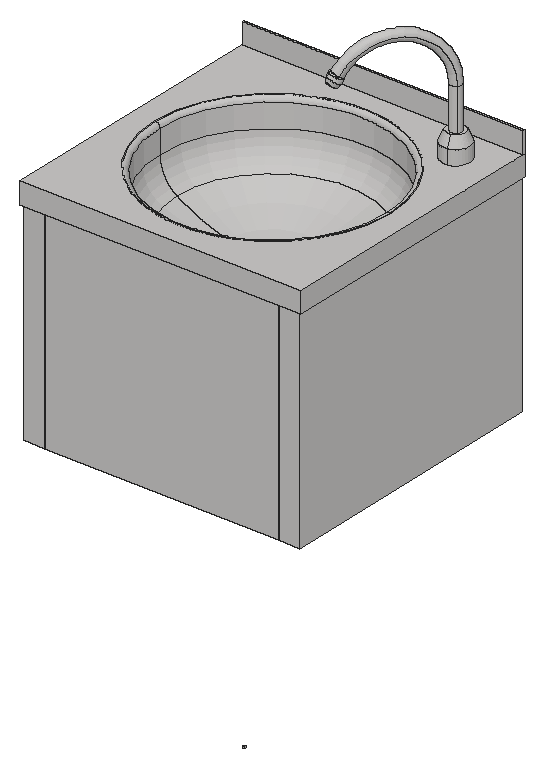
Revit family "QF_ELECTROLUXPROFESSIONAL_132952_NHWSW40", category Attrezzature speciali, Revit 2020
Family settings
  Quota connettore circolare = Usa diametro
  Tipo di parte = Normale
  Basato su piano di lavoro = No
  Sempre verticale = Sì
  Taglio con vuoti quando caricato = No
  Condiviso = No
  Punto di calcolo locali = No
Parameters (values of type "Standard")
  Weight = 12.00 kg
  Watts = 0 W
  Volts = 0 V
  URL Manufacturer = "https://www.electroluxprofessional.com/"
  URL = "https://www.electroluxprofessional.com/"
  Steam Supply Size = 0 mm
  Steam Supply Minimum Pressure = 0.0 Pa
  Steam Supply Maximum Pressure = 0.0 Pa
  Steam Consumption per Hour = 0
  Refrigeration Suction Line Size = 0.0 mm
  Refrigeration Liquid Line Size = 0.0 mm
  Refrigerant Compressor Remote = yes
  Prospetto di default = 0.0 mm
  Phase = 0
  Modello = "NHWSW40"
  Produttore = "Electrolux Professional"
  Length Actual = 400.0 mm  # constant formula
  Item Number = "132952"
  Hot Water Size = 12.7 mm
  Height Actual = 332.0 mm  # constant formula
  HP = "0 HP"
  Gas Size = 0 mm
  Gas KW = 0
  Gas Input Pressure = 0 W
  Direct Waste Size = 139.7 mm
  Descrizione = "WALL MOUNTED HAND WASH BASIN, KNEE-OPERATED, WITH 1 BOWL, MIXER SPOUT AND DRAIN HOLE"
  Depth Actual = 400.0 mm  # constant formula
  Cycle = 0 Hz
  Condensate Return Size = 0 mm
  Compressed Air Volume = 0.0 L/s
  Compressed Air Size = 0 mm
  Compressed Air Pressure = 0.0 Pa
  Cold Water Size = 12.7 mm
  Accessory = yes
Reference planes
  plane 1 "Center (Front/Back)": y = 0
  plane 2: z = 0
  plane 3 "BACK": y = 200
  plane 4 "FRONT": y = -200
  plane 5 "TOP": z = 900
  plane 6: x = -956.5
  plane 7 "BaseTop": z = 870
  plane 8: x = -556.5
  plane 9 "Center (Left/Right)": x = -756.5
  plane 10 "Drain Z": z = 660
  plane 11: z = 930
  plane 12 "FondoLavello": z = 777.601
  plane 13: y = 145.319
  plane 14: x = -611.483
  plane 15 "DrainX": x = -833.5
  plane 16: z = 568
Forms (mm)
  Extrusion 1, solid, material "QF_Finishes_Stainless Steel"
    sketch origin (0, 0, 870) x (-1, 0, 0) y (0, -1, 0)
      loop
        line (956.5, -200) -> (956.5, 200) -> (556.5, 200) -> (556.5, -200) -> (956.5, -200)
      loop
        circle (611.483, -145.319) r 9.014
      loop
        circle (756.5, 0) r 168
    from 0 to 30
  Extrusion 2, solid, material "QF_Finishes_Stainless Steel"
    sketch origin (0, 0, 0) x (1, 0, 0) y (0, 1, 0)
      loop
        line (-923.5, 170) -> (-589.5, 170) -> (-589.5, -197) -> (-559.5, -197) -> (-559.5, 200) -> (-953.5, 200) -> (-953.5, -197) -> (-923.5, -197) -> (-923.5, 170)
    from 568 to 870
  Extrusion 3, solid, material "QF_Finishes_Stainless Steel"
    sketch origin (-756.5, 0, 0) x (0, 0, -1) y (0, -1, 0)
      loop
        line (-568, 197) -> (-870, 197) -> (-870, 172) -> (-568, 172) -> (-568, 197)
    from -167 to 167
  Revolve 4, solid, material "QF_Finishes_Stainless Steel"
    sketch origin (0, 0, 0) x (1, 0, 0) y (0, 0, 1)
      loop
        arc (-917.53, 893) -> (-919.572, 897.928) -> (-924.5, 899.97) r 6.97
        line (-924.5, 899.97) -> (-924.5, 895) -> (-922.501, 895) -> (-922.501, 859.414)
        arc (-922.501, 859.414) -> (-915.312, 831.717) -> (-895.561, 811.013) r 56.948
        arc (-895.561, 811.013) -> (-840.753, 785.213) -> (-781.505, 772.59) r 263.902
        line (-781.505, 772.59) -> (-781.505, 777.601)
        arc (-781.505, 777.601) -> (-839.395, 790.016) -> (-892.95, 815.258) r 258.912
        arc (-892.95, 815.258) -> (-910.971, 834.149) -> (-917.53, 859.421) r 51.963
        line (-917.53, 859.421) -> (-917.53, 893)
      axis (-756.5, 772.59) -> (-756.5, 899.97)
    angle from 0 to 360
  Extrusion 5, solid, material "QF_Finishes_Stainless Steel"
    sketch origin (0, 0, 777.601) x (-1, 0, 0) y (0, -1, 0)
      loop
        circle (756.5, 0) r 25.005
      loop
        circle (756.5, 0) r 5
      loop
        line (753.407, -8.499) -> (749.22, -20.001)
        arc (749.22, -20.001) -> (756.5, -21.285) -> (763.78, -20.001) r 21.285
        line (763.78, -20.001) -> (759.593, -8.499)
        arc (759.593, -8.499) -> (756.5, -9.045) -> (753.407, -8.499) r 9.045
      loop
        arc (753.407, 8.499) -> (756.5, 9.045) -> (759.593, 8.499) r 9.045
        line (759.593, 8.499) -> (763.78, 20.001)
        arc (763.78, 20.001) -> (756.5, 21.285) -> (749.22, 20.001) r 21.285
        line (749.22, 20.001) -> (753.407, 8.499)
      loop
        line (762.314, -6.929) -> (770.181, -16.305)
        arc (770.181, -16.305) -> (774.933, -10.642) -> (777.461, -3.696) r 21.285
        line (777.461, -3.696) -> (765.407, -1.571)
        arc (765.407, -1.571) -> (764.333, -4.522) -> (762.314, -6.929) r 9.045
      loop
        arc (747.593, 1.571) -> (748.667, 4.522) -> (750.686, 6.929) r 9.045
        line (750.686, 6.929) -> (742.819, 16.305)
        arc (742.819, 16.305) -> (738.067, 10.642) -> (735.539, 3.696) r 21.285
        line (735.539, 3.696) -> (747.593, 1.571)
      loop
        line (765.407, 1.571) -> (777.461, 3.696)
        arc (777.461, 3.696) -> (774.933, 10.642) -> (770.181, 16.305) r 21.285
        line (770.181, 16.305) -> (762.314, 6.929)
        arc (762.314, 6.929) -> (764.333, 4.522) -> (765.407, 1.571) r 9.045
      loop
        arc (750.686, -6.929) -> (748.667, -4.522) -> (747.593, -1.571) r 9.045
        line (747.593, -1.571) -> (735.539, -3.696)
        arc (735.539, -3.696) -> (738.067, -10.642) -> (742.819, -16.305) r 21.285
        line (742.819, -16.305) -> (750.686, -6.929)
    from -5.011 to 0
  Extrusion 6, solid, material "QF_Finishes_Stainless Steel"
    sketch origin (0, 0, 870) x (-1, 0, 0) y (0, -1, 0)
      loop
        circle (620.497, -145.319) r 5
      loop
        circle (602.468, -145.319) r 5
    from 0 to 30
  Extrusion 7, void
    sketch origin (0, 200, 0) x (-1, 0, 0) y (0, 0, 1)
      loop
        circle (833.5, 660) r 22
    from -30 to 0
  Extrusion 8, solid, material "QF_Finishes_Stainless Steel"
    sketch origin (0, 200, 0) x (-1, 0, 0) y (0, 0, 1)
      loop
        circle (833.5, 660) r 20
      loop
        circle (833.5, 660) r 18
    from -30 to 0
  Extrusion 9, solid, material "QF_Finishes_Stainless Steel"
    sketch origin (-756.5, 0, 0) x (0, 0, -1) y (0, -1, 0)
      loop
        line (-930, -200) -> (-900, -200) -> (-900, -197) -> (-930, -197) -> (-930, -200)
    from -200 to 200
  Sweep 10, solid, material "QF_Finishes_Stainless Steel"
    path origin (0, 0, 0) x (1, 0, 0) y (0, 0, 1)
      loop
        line (-756.5, 772.59) -> (-756.5, 602.59)
        arc (-756.5, 602.59) -> (-795, 564.09) -> (-833.5, 602.59) r 38.5
        line (-833.5, 602.59) -> (-833.5, 608.822)
    profile origin (-756.5, 0, 687.59) x (0, -1, 0) y (1, 0, 0)
      loop
        circle (0, 0) r 20
  Sweep 11, solid, material "QF_Finishes_Stainless Steel"
    path origin (-756.5, 0, 0) x (0, 0, -1) y (0, -1, 0)
      loop
        line (-660, -170) -> (-660, -40)
        arc (-660, -40) -> (-648.284, -11.716) -> (-620, 0) r 40
        line (-620, 0) -> (-608.822, 0)
    profile origin (-756.5, 105, 660) x (0, 0, 1) y (-1, 0, 0)
      loop
        circle (0, 77) r 20
  Extrusion 12, solid, material "QF_Finishes_Stainless Steel"
    sketch origin (0, 0, 0) x (1, 0, 0) y (0, 1, 0)
      loop
        line (-956.5, 200) -> (-956.5, 198) -> (-954.5, 198) -> (-954.5, 200) -> (-956.5, 200)
    from 0 to 2
Cuts and joins
  Extrusion 7 cuts Extrusion 2
Lines and regions (mm)
  symbolic lines, style "SpecialityEquipment"
    curve 1: line (-956.5, 200, 870) -> (-556.5, 200, 870)
    curve 2: line (-956.5, -200, 870) -> (-956.5, 200, 870)
    curve 3: line (-556.5, -200, 870) -> (-956.5, -200, 870)
    curve 4: line (-556.5, 200, 870) -> (-556.5, -200, 870)
  symbolic lines
    curve 5: arc (-626.646, 106.592, 870) -> (-880.827, -112.99, 870) -> (-638.014, 119.101, 870) r 168
    curve 6: circle (-756.5, 0, 870) r 25.005 normal (0, 0, 1)
    curve 7: circle (-756.5, 0, 870) r 5 normal (0, 0, 1)
    curve 8: arc (-753.407, 8.499, 870) -> (-756.5, 9.045, 870) -> (-759.593, 8.499, 870) r 9.045
    curve 9: line (-749.22, 20.001, 870) -> (-753.407, 8.499, 870)
    curve 10: line (-759.593, 8.499, 870) -> (-763.78, 20.001, 870)
    curve 11: arc (-763.78, 20.001, 870) -> (-756.5, 21.285, 870) -> (-749.22, 20.001, 870) r 21.285
    curve 12: line (-770.181, 16.305, 870) -> (-762.314, 6.929, 870)
    curve 13: line (-765.407, 1.571, 870) -> (-777.461, 3.696, 870)
    curve 14: line (-777.461, -3.696, 870) -> (-765.407, -1.571, 870)
    curve 15: line (-762.314, -6.929, 870) -> (-770.181, -16.305, 870)
    curve 16: line (-763.78, -20.001, 870) -> (-759.593, -8.499, 870)
    curve 17: line (-753.407, -8.499, 870) -> (-749.22, -20.001, 870)
    curve 18: line (-742.819, -16.305, 870) -> (-750.686, -6.929, 870)
    curve 19: line (-747.593, -1.571, 870) -> (-735.539, -3.696, 870)
    curve 20: line (-735.539, 3.696, 870) -> (-747.593, 1.571, 870)
    curve 21: line (-750.686, 6.929, 870) -> (-742.819, 16.305, 870)
    curve 22: arc (-742.819, 16.305, 870) -> (-738.067, 10.642, 870) -> (-735.539, 3.696, 870) r 21.285
    curve 23: arc (-747.593, 1.571, 870) -> (-748.667, 4.522, 870) -> (-750.686, 6.929, 870) r 9.045
    curve 24: arc (-750.686, -6.929, 870) -> (-748.667, -4.522, 870) -> (-747.593, -1.571, 870) r 9.045
    curve 25: arc (-735.539, -3.696, 870) -> (-738.067, -10.642, 870) -> (-742.819, -16.305, 870) r 21.285
    curve 26: arc (-749.22, -20.001, 870) -> (-756.5, -21.285, 870) -> (-763.78, -20.001, 870) r 21.285
    curve 27: arc (-759.593, -8.499, 870) -> (-756.5, -9.045, 870) -> (-753.407, -8.499, 870) r 9.045
    curve 28: arc (-765.407, -1.571, 870) -> (-764.333, -4.522, 870) -> (-762.314, -6.929, 870) r 9.045
    curve 29: arc (-770.181, -16.305, 870) -> (-774.933, -10.642, 870) -> (-777.461, -3.696, 870) r 21.285
    curve 30: arc (-762.314, 6.929, 870) -> (-764.333, 4.522, 870) -> (-765.407, 1.571, 870) r 9.045
    curve 31: arc (-777.461, 3.696, 870) -> (-774.933, 10.642, 870) -> (-770.181, 16.305, 870) r 21.285
    curve 32: line (-956.5, 197, 870) -> (-556.5, 197, 870)
Dimensions and locks
  plane 3 "BACK" to plane 4 "FRONT" = 400.0 mm
  equal spacing: plane 3 "BACK", plane 1 "Center (Front/Back)", plane 4 "FRONT"
  plane 5 "TOP" to level = 900.0 mm
  equal spacing: plane 6, plane 9 "Center (Left/Right)", plane 8
  locked: plane 6 to plane 8 at 400
  plane 10 "Drain Z" to level = 660.0 mm
  plane 11 to plane 5 "TOP" = 30.0 mm
  plane 6 to plane 15 "DrainX" = 123.0 mm
  plane 7 "BaseTop" to plane 16 = 302.0 mm
  aligned and locked: level to plane 2
  aligned and locked: plane 5 "TOP" to Extrusion 1
  aligned and locked: plane 7 "BaseTop" to Extrusion 2
Automatic sketch dimensions
  Extrusion 1 sketch curve to plane 3 "BACK" = 0.0 mm
  Extrusion 1 sketch curve to plane 8 = 0.0 mm
  Extrusion 1 sketch curve to plane 4 "FRONT" = 0.0 mm
  Extrusion 1 sketch curve to plane 6 = 0.0 mm
  plane 8 to Extrusion 1 sketch curve = 54.983 mm
  Extrusion 1 sketch curve to plane 3 "BACK" = 54.681 mm
  Extrusion 2 sketch curve to plane 3 "BACK" = 0.0 mm
  plane 6 to Extrusion 2 sketch curve = 33.0 mm
  plane 8 to Extrusion 2 sketch curve = 33.0 mm
  plane 8 to Extrusion 2 sketch curve = 3.0 mm
  Extrusion 2 sketch curve to plane 3 "BACK" = 30.0 mm
  plane 4 "FRONT" to Extrusion 2 sketch curve = 3.0 mm  (x2)
  plane 6 to Extrusion 2 sketch curve = 3.0 mm
  Extrusion 3 sketch curve to plane 7 "BaseTop" = 0.0 mm
  plane 4 "FRONT" to Extrusion 3 sketch curve = 28.0 mm
  Extrusion 3 sketch curve to plane 10 "Drain Z" = 92.0 mm
  plane 4 "FRONT" to Extrusion 3 sketch curve = 3.0 mm
  plane 1 "Center (Front/Back)" to Extrusion 1 sketch curve = 0.0 mm
  Extrusion 1 sketch curve to plane 9 "Center (Left/Right)" = 0.0 mm
  Revolve 4 sketch curve to plane 5 "TOP" = 0.03 mm
  plane 9 "Center (Left/Right)" to Revolve 4 sketch curve = 0.0 mm
  plane 9 "Center (Left/Right)" to Revolve 4 sketch curve = 0.002 mm
  Revolve 4 sketch curve to Revolve 4 sketch curve = 0.011 mm
  plane 9 "Center (Left/Right)" to Revolve 4 sketch curve = 25.005 mm
  Revolve 4 sketch curve to plane 7 "BaseTop" = 10.586 mm
  plane 6 to Revolve 4 sketch curve = 90.947 mm
  Revolve 4 sketch curve to Revolve 4 sketch curve = 0.015 mm
  Revolve 4 sketch curve to plane 7 "BaseTop" = 10.579 mm
  plane 6 to Revolve 4 sketch curve = 38.97 mm
  Revolve 4 sketch curve to Revolve 4 sketch curve = 4.971 mm
  Revolve 4 sketch curve to Revolve 4 sketch curve = 1.999 mm
  Revolve 4 sketch curve to plane 7 "BaseTop" = 92.399 mm
  Revolve 4 sketch curve to Revolve 4 sketch curve = 5.011 mm
  plane 11 to Revolve 4 sketch curve = 105.304 mm
  Revolve 4 sketch curve to Revolve 4 sketch curve = 0.001 mm
  plane 10 "Drain Z" to Revolve 4 sketch curve = 25.0 mm
  Revolve 4 sketch curve to Revolve 4 sketch curve = 15.304 mm
  Revolve 4 sketch curve to Revolve 4 sketch curve = 2.0 mm
  Extrusion 5 sketch curve to Extrusion 5 sketch curve = 0.0 mm  (x186)
  plane 1 "Center (Front/Back)" to Extrusion 5 sketch curve = 0.0 mm
  Extrusion 5 sketch curve to plane 9 "Center (Left/Right)" = 0.0 mm
  Extrusion 5 sketch curve to plane 9 "Center (Left/Right)" = 3.093 mm  (x2)
  Extrusion 5 sketch curve to Extrusion 5 sketch curve = 2.72 mm  (x4)
  Extrusion 5 sketch curve to plane 9 "Center (Left/Right)" = 7.28 mm  (x2)
  plane 1 "Center (Front/Back)" to Extrusion 5 sketch curve = 1.571 mm  (x2)
  Extrusion 5 sketch curve to Extrusion 5 sketch curve = 3.093 mm  (x2)
  Extrusion 5 sketch curve to plane 1 "Center (Front/Back)" = 1.571 mm  (x2)
  Extrusion 5 sketch curve to Extrusion 5 sketch curve = 6.402 mm  (x4)
  Extrusion 5 sketch curve to plane 1 "Center (Front/Back)" = 3.696 mm  (x2)
  Extrusion 5 sketch curve to Extrusion 5 sketch curve = 12.054 mm  (x2)
  plane 1 "Center (Front/Back)" to Extrusion 5 sketch curve = 3.696 mm  (x2)
  plane 9 "Center (Left/Right)" to Extrusion 5 sketch curve = 3.093 mm  (x2)
  plane 9 "Center (Left/Right)" to Extrusion 5 sketch curve = 7.28 mm  (x2)
  Extrusion 5 sketch curve to Extrusion 5 sketch curve = 3.696 mm  (x2)
  Extrusion 5 sketch curve to Extrusion 5 sketch curve = 1.571 mm  (x2)
  Extrusion 6 sketch curve to plane 13 = 0.0 mm  (x2)
  Extrusion 6 sketch curve to plane 14 = 9.014 mm
  plane 14 to Extrusion 6 sketch curve = 9.014 mm
  Extrusion 7 sketch curve to plane 10 "Drain Z" = 0.0 mm
  Extrusion 7 sketch curve to plane 15 "DrainX" = 0.0 mm
  Extrusion 8 sketch curve to plane 10 "Drain Z" = 0.0 mm
  Extrusion 8 sketch curve to plane 15 "DrainX" = 0.0 mm
  Extrusion 8 sketch curve to Extrusion 8 sketch curve = 0.0 mm  (x2)
  Extrusion 9 sketch curve to plane 11 = 0.0 mm
  Extrusion 9 sketch curve to plane 5 "TOP" = 0.0 mm
  Extrusion 9 sketch curve to plane 3 "BACK" = 0.0 mm
  Extrusion 9 sketch curve to Extrusion 9 sketch curve = 3.0 mm
  curve 5 to curve 6 = 0.0 mm  (x2)
  curve 5 to curve 7 = 0.0 mm  (x2)
  curve 5 to curve 8 = 0.0 mm
  curve 6 to curve 11 = 0.0 mm
  curve 8 to curve 11 = 0.0 mm  (x2)
  curve 8 to curve 22 = 0.0 mm  (x2)
  curve 8 to curve 23 = 0.0 mm  (x2)
  curve 23 to curve 31 = 0.0 mm  (x2)
  curve 24 to curve 31 = 0.0 mm  (x2)
  curve 25 to curve 31 = 0.0 mm  (x2)
  curve 26 to curve 31 = 0.0 mm  (x2)
  curve 27 to curve 31 = 0.0 mm  (x2)
  curve 28 to curve 31 = 0.0 mm  (x2)
  curve 29 to curve 31 = 0.0 mm  (x2)
  curve 30 to curve 31 = 0.0 mm  (x2)
  curve 1 to plane 3 "BACK" = 0.0 mm
  curve 1 to plane 8 = 0.0 mm
  plane 1 "Center (Front/Back)" to curve 29 = 0.0 mm
  curve 29 to plane 9 "Center (Left/Right)" = 0.0 mm
  curve 32 to plane 6 = 0.0 mm
  curve 20 to plane 1 "Center (Front/Back)" = 3.696 mm
  curve 20 to plane 9 "Center (Left/Right)" = 20.961 mm
  plane 1 "Center (Front/Back)" to curve 19 = 3.696 mm
  curve 19 to curve 22 = 0.0 mm
  curve 18 to plane 9 "Center (Left/Right)" = 13.681 mm
  curve 21 to plane 9 "Center (Left/Right)" = 13.681 mm
  plane 1 "Center (Front/Back)" to curve 19 = 1.571 mm
  curve 19 to plane 9 "Center (Left/Right)" = 8.907 mm
  curve 20 to plane 1 "Center (Front/Back)" = 1.571 mm
  curve 20 to curve 24 = 0.0 mm
  curve 9 to plane 9 "Center (Left/Right)" = 7.28 mm
  curve 17 to plane 9 "Center (Left/Right)" = 7.28 mm
  curve 18 to plane 9 "Center (Left/Right)" = 5.814 mm
  curve 21 to plane 9 "Center (Left/Right)" = 5.814 mm
  curve 17 to plane 9 "Center (Left/Right)" = 3.093 mm
  curve 9 to plane 9 "Center (Left/Right)" = 3.093 mm
  plane 9 "Center (Left/Right)" to curve 10 = 3.093 mm
  plane 9 "Center (Left/Right)" to curve 16 = 3.093 mm
  curve 27 to curve 15 = 2.72 mm
  curve 8 to curve 12 = 2.72 mm
  plane 9 "Center (Left/Right)" to curve 16 = 7.28 mm
  plane 9 "Center (Left/Right)" to curve 10 = 7.28 mm
  curve 13 to plane 1 "Center (Front/Back)" = 1.571 mm
  curve 30 to curve 13 = 3.093 mm
  plane 1 "Center (Front/Back)" to curve 14 = 1.571 mm
  curve 14 to curve 13 = 0.0 mm
  curve 11 to curve 12 = 6.402 mm
  curve 26 to curve 15 = 6.402 mm
  plane 1 "Center (Front/Back)" to curve 14 = 3.696 mm
  curve 28 to curve 14 = 12.054 mm
  curve 13 to plane 1 "Center (Front/Back)" = 3.696 mm
  curve 13 to curve 14 = 0.0 mm
  curve 9 to curve 22 = 3.696 mm
  curve 10 to curve 12 = 1.571 mm
  curve 15 to curve 16 = 1.571 mm
  curve 15 to curve 16 = 3.696 mm
  plane 14 to curve 5 = 15.163 mm
  curve 5 to curve 5 = 11.368 mm
  curve 32 to plane 3 "BACK" = 3.0 mm
  curve 5 to plane 13 = 26.218 mm
  Sweep 10 sketch curve to plane 15 "DrainX" = 0.0 mm
  plane 9 "Center (Left/Right)" to Sweep 10 sketch curve = 0.0 mm
  plane 16 to Sweep 10 sketch curve = 34.59 mm
  Sweep 10 sketch curve to plane 12 "FondoLavello" = 5.011 mm
  Sweep 10 sketch curve to Sweep 10 sketch curve = 6.231 mm
  plane 1 "Center (Front/Back)" to Sweep 10 sketch curve = 0.0 mm
  Sweep 10 sketch curve to profile plane = 0.0 mm
  plane 10 "Drain Z" to Sweep 11 sketch curve = 0.0 mm
  Sweep 11 sketch curve to plane 1 "Center (Front/Back)" = 0.0 mm
  Sweep 11 sketch curve to Sweep 11 sketch curve = 40.0 mm
  Sweep 11 sketch curve to Sweep 11 sketch curve = 11.178 mm
  plane 13 to Sweep 11 sketch curve = 24.681 mm
  Sweep 11 sketch curve to profile plane = 0.0 mm
  plane 9 "Center (Left/Right)" to Sweep 11 sketch curve = 77.0 mm
  Extrusion 12 sketch curve to plane 6 = 0.0 mm
  Extrusion 12 sketch curve to plane 3 "BACK" = 0.0 mm
  plane 6 to Extrusion 12 sketch curve = 2.0 mm
  Extrusion 12 sketch curve to Extrusion 12 sketch curve = 2.0 mm
  curve 3 to plane 4 "FRONT" = 0.0 mm
  radius of Extrusion 1 sketch curve = 9.014 mm
  radius of Extrusion 1 sketch curve = 168.0 mm
  radius of Extrusion 5 sketch curve = 25.005 mm
  radius of Extrusion 5 sketch curve = 5.0 mm
  radius of Extrusion 6 sketch curve = 5.0 mm  (x2)
  radius of Extrusion 7 sketch curve = 22.0 mm
  radius of Extrusion 8 sketch curve = 20.0 mm
  radius of Extrusion 8 sketch curve = 18.0 mm
  radius of curve 6 = 25.005 mm
  radius of curve 7 = 5.0 mm
  radius of Sweep 10 sketch curve = 20.0 mm
  radius of Sweep 11 sketch curve = 20.0 mm
Nested families
  nested 1: "SINK_Misc" at (-611.483, 146.494, 900) x (0.848, -0.5299, 0) z (0, 0, 1), type "SINK_Misc"
Connectors
  piping at (-620.497, 145.319, 870), diameter 12.7, driven by "Hot Water Size"
    settings: on Extrusion 6, index 1, connector inside diameter 609.6 mm, connector length 0.0 mm, flow factor 0, pipe flow 0.0 L/s, pressure drop 0.0 Pa, fitting loss kfactor 0, connector angle 0.00°, fixture units 0, engagement length 0.0 mm, angle of deflection 0.00°, flow configuration 1, flow direction 1, fitting loss method 0, system type 20, joint type 0, gender type 0, connector reference index -1, connector utility 0, adjustable connector no, is connector primary yes, connector description "Hot Water Inlet"
  piping at (-602.468, 145.319, 870), diameter 12.7, driven by "Cold Water Size"
    settings: on Extrusion 6, index 2, connector inside diameter 609.6 mm, connector length 0.0 mm, flow factor 0, pipe flow 0.0 L/s, pressure drop 0.0 Pa, fitting loss kfactor 0, connector angle 0.00°, fixture units 0, engagement length 0.0 mm, angle of deflection 0.00°, flow configuration 1, flow direction 1, fitting loss method 0, system type 20, joint type 0, gender type 0, connector reference index -1, connector utility 0, adjustable connector no, is connector primary no, connector description "Cold Water Inlet"
  piping at (-833.5, 200, 660), diameter 139.7, driven by "Direct Waste Size"
    settings: on Extrusion 8, index 3, connector inside diameter 609.6 mm, connector length 0.0 mm, flow factor 0, pipe flow 0.0 L/s, pressure drop 0.0 Pa, fitting loss kfactor 0, connector angle 0.00°, fixture units 0, engagement length 0.0 mm, angle of deflection 0.00°, flow configuration 1, flow direction 2, fitting loss method 0, system type 16, joint type 0, gender type 0, connector reference index -1, connector utility 0, adjustable connector no, is connector primary no, connector description "Drain"
Definition of nested family "SINK_Misc"
  Parameters
    Default Elevation = 0.0 mm
  Reference planes
    plane 1 "Center (Front/Back)": y = 0
    plane 2: z = 0
    plane 3 "Center (Left/Right)": x = 0
    plane 4: z = 132.417
    plane 5: y = -140
  Forms (mm)
    Revolve 1, solid
      sketch origin (0, 0, 0) x (0.707107, -0.707107, 0) y (0, 0, 1)
        loop
          line (0, 0) -> (0, 35) -> (-13.322, 35) -> (-20, 20) -> (-20, 0) -> (0, 0)
        axis (0, 35) -> (0, 0)
      angle from 0 to 360
    Sweep 2, solid
      path origin (0, 0, 70) x (0, 1, 0) y (0, 0, 1)
        loop
          line (0, -35) -> (0, 25)
          arc (0, 25) -> (-55.635, 97.457) -> (-140, 62.417) r 75
      profile origin (0, 0, 65) x (0, -1, 0) y (1, 0, 0)
        loop
          circle (0, 0) r 8
    Revolve 3, solid
      sketch origin (0, 29.771, -274.217) x (0, 0.866667, -0.498887) y (0, 0.498887, 0.866667)
        loop
          line (-340.351, 259.648) -> (-340.351, 265.557)
          arc (-340.351, 265.557) -> (-340.776, 266.459) -> (-341.572, 267.059) r 2.074
          line (-341.572, 267.059) -> (-341.999, 267.719) -> (-349.999, 267.719) -> (-349.999, 253.002) -> (-343.599, 253.002)
          arc (-343.599, 253.002) -> (-342.92, 253.216) -> (-342.486, 253.782) r 1.185
          line (-342.486, 253.782) -> (-340.351, 259.648)
        axis (-349.999, 267.719) -> (-349.999, 253.002)
      angle from 0 to 360
  Lines and regions (mm)
    symbolic lines
      curve 1: arc (-8, -18.33, 0) -> (0, 20, 0) -> (8, -18.33, 0) r 20
      curve 2: arc (8, -10.652, 0) -> (0, 13.322, 0) -> (-8, -10.652, 0) r 13.322
      curve 3: spline (8, -140, 0) -> (7.727, -141.794, 0) -> (6.928, -143.467, 0) -> (5.657, -144.903, 0) -> (4, -146.004, 0) -> (2.071, -146.697, 0) -> (0, -146.933, 0) -> (-2.071, -146.697, 0) -> (-4, -146.004, 0) -> (-5.657, -144.903, 0) -> (-6.928, -143.467, 0) -> (-7.727, -141.794, 0) -> (-8, -140, 0)
      curve 4: spline (-8, -136.404, 0) -> (-9.389, -139.151, 0) -> (-9.57, -142.147, 0) -> (-8.519, -145.005, 0) -> (-6.372, -147.358, 0) -> (-3.405, -148.903, 0) -> (0, -149.441, 0) -> (3.405, -148.903, 0) -> (6.372, -147.358, 0) -> (8.519, -145.005, 0) -> (9.57, -142.147, 0) -> (9.389, -139.151, 0) -> (8, -136.404, 0)
      curve 5: spline (9.649, -144.027, 0) -> (9.32, -146.191, 0) -> (8.356, -148.208, 0) -> (6.823, -149.939, 0) -> (4.824, -151.268, 0) -> (2.497, -152.104, 0) -> (0, -152.389, 0) -> (-2.497, -152.104, 0) -> (-4.824, -151.268, 0) -> (-6.823, -149.939, 0) -> (-8.356, -148.208, 0) -> (-9.32, -146.191, 0) -> (-9.649, -144.027, 0)
      curve 6: line (8, 0, 0) -> (8, -140, 0)
      curve 7: line (-8, 0, 0) -> (-8, -140, 0)
      curve 8: line (9.649, -141.079, 0) -> (9.649, -144.027, 0)
      curve 9: line (-9.649, -141.079, 0) -> (-9.649, -144.027, 0)
      curve 10: arc (-8, 0, 0) -> (0, 8, 0) -> (8, 0, 0) r 8
  Dimensions and locks
    plane 1 "Center (Front/Back)" to plane 5 = 140.0 mm
    aligned and locked: level to plane 2
